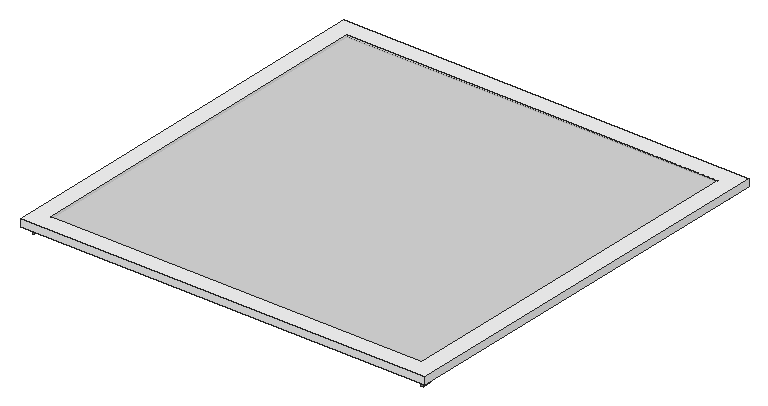
Revit family "0047401 Feilo Sylvania Lighting Fixture START FLAT PANEL LED 3200LM 600 NW", category Lighting Fixtures, host Face, Revit 2017
Family settings
  Host = Face
  Round Connector Dimension = Use Diameter
  Part Type = Normal
  OmniClass Number = 23.80.70.11.17
  OmniClass Title = Specialized Lighting by Location or Use
  Cut with Voids When Loaded = No
  Light Source = Yes
  Shared = No
  Room Calculation Point = No
Parameters (values of type "0047401 START FLAT PANEL 3200LM LED 600 4000K")
  Weight = "9.072 kg"
  Wattage = 40 W
  WarrantyStartDate [instance] = "n/a"
  WarrantyGuarantorParts = "n/a"
  WarrantyDurationUnit = "n/a"
  WarrantyDurationParts = "n/a"
  WarrantyDescription = "n/a"
  built-in parameter 1150110 = 1 (stored number, unit not read)
  Voltage = 230 V
  URL = "http://www.sylvania-lighting.com"
  TypeName = "START FLAT PANEL 3200LM LED 600 4000K"
  built-in parameter 1114217 = 1 (stored number, unit not read)
  Tilt Angle = -90.00°
  built-in parameter 1150109 = 1 (stored number, unit not read)
  built-in parameter 1150134 = 12
  built-in parameter 1150113 = 1 (stored number, unit not read)
  SerialNumber [instance] = "n/a"
  PowerFactor = 0.9
  PowerConsumption = "40 W"
  Photometric Web File = ""
  NominalLength = 595.0 mm
  NominalHeight = 10.5 mm
  NominalDepth = 595.0 mm
  Name = "START FLAT PANEL 3200LM LED 600 4000K"
  ModelReference = "START FLAT PANEL 3200LM LED 600 4000K"
  ModelNumber = "0047401"
  Material = "powder coated steel housing, acrylic pmma diffuser"
  ManufacturerName = "Feilo Sylvania"
  LuminousEfficacy = "80 lm/W"
  LuminaireType = ""
  LightOutputRatio = "100"
  LampsType = Lamp  # "Integrated LED"
  LampNominalLuminous = "3200 lm"
  LampMacAdamStep = "n/a"
  LampColourTemperature = "4000 K"
  LampColourRenderingIndex = "80"
  Keynote = "16500"
  InstallationDate [instance] = "n/a"
  InputVoltage = "220-240V~"
  InputNominalFrequency = "50/60 Hz"
  IngressProtection = "IP20"
  ImpactProtectionIndex = "IK03"
  IfcExportType = "IfcLightFixtureType"
  IfcExportAs = "IfcLightFixtureType"
  Glare Control = "UGR <25"  # constant formula
  ExpectedLife = 50000
  ElectricShockClassification = "Class II"
  DurationUnit = "hours"
  DocumentationLiterature = "http://www.sylvania-lighting.com/product/en-int/products/0047401"
  DimmingControlOptions = "n/a"
  Diffuser Material = Polycarbonate_Sylvania_Startflat Panel LED_Opal
  Cutout Width = 574.0 mm
  Cutout Length = 574.0 mm
  CreatedOn = "20/11/2017"
  CreatedBy = ""
  built-in parameter 1114216 [instance] = 1 (stored number, unit not read)
  built-in parameter 1150142 = (empty or 0)
  Model = "START FLAT PANEL 3200LM LED 600 4000K"
  Manufacturer = "Feilo Sylvania"  # constant formula
  built-in parameter 1150105 = 254.65 (stored number, unit not read)
  Lumens = 3200 lm
  built-in parameter 1150115 = 1 (stored number, unit not read)
  built-in parameter 1150137 = (empty or 0)
  built-in parameter 1150139 = (empty or 0)
  built-in parameter 1150112 = 1 (stored number, unit not read)
  built-in parameter 1150114 = 1 (stored number, unit not read)
  Lamp = "Integrated LED"  # constant formula
  built-in parameter 1150132 = 2
  built-in parameter 1150102 = (empty or 0)
  built-in parameter 1150107 = 4000 (stored number, unit not read)
  built-in parameter 1150138 = (empty or 0)
  built-in parameter 1150106 = 2.5465 (stored number, unit not read)
  CRI (Ra) = "84"  # constant formula
  Body Material = Metal_Sylvania_Startflat Panel LED_White
  Emit from Rectangle Width = 545.0 mm
  Emit from Rectangle Length = 545.0 mm
  Emit Shape Visible in Rendering = no
  built-in parameter 1150104 = 7.4322 (stored number, unit not read)
  Dimming Lamp Color Temperature Shift = <None>
  Description = "Ultra thin LED Panel, excellent uniformity of light, perfect for ceilings with low voids, high efficacy.Ulta thin edgelit LED 600x600mm Panel with, excellent uniform light distribution. Acrylic PMMA diffuser optimising light output whilst reducing glare. 4239lm 93lm/W."  # constant formula
  Default Elevation = 0.0 mm
  Color Filter = 16777215
  built-in parameter 1140040 [instance] = 1
  BarCode [instance] = "n/a"
  built-in parameter 1114218 = 1 (stored number, unit not read)
  built-in parameter 1150133 = 10 (stored number, unit not read)
  AssetType = "Fixed"
  AssetIdentifier [instance] = "n/a"
  Assembly Code = "D5020200"
  Apparent Load = 40 VA
  Mounting Material = Metal_Sylvania_Startflat Panel LED_Silver
Reference planes
  plane 1 "Center (Front/Back)": y = 0
  plane 2 "Fixture Top": z = 0
  plane 3 "Center (Left/Right)": x = 0
  plane 4: x = 295.5
  plane 5: x = -295.5
  plane 6 "Fixture Back": y = 297.5
  plane 7 "Fixture Front": y = -297.5
  plane 8 "Fixture Left": x = -297.5
  plane 9 "Fixture Right": x = 297.5
  plane 10: y = 295.5
  plane 11: y = -295.5
  plane 12: x = 272.5
  plane 13: x = -272.5
  plane 14: y = 272.5
  plane 15: y = -272.5
  plane 16: x = -287
  plane 17: x = 287
  plane 18: y = 287
  plane 19: y = -287
  plane 20 "Fixture Bottom": z = 10.5
  plane 21: z = 8.5
  plane 22: z = 6.5
  plane 23: z = -10
  plane 24: z = 2
Forms (mm)
  Extrusion 1, void
    sketch origin (0, 0, 60) x (-1, 0, 0) y (0, -1, 0)
      loop
        line (287, -287) -> (287, 287) -> (-287, 287) -> (-287, -287) -> (287, -287)
    from -70 to -60
  Extrusion 2, solid, material "Metal_Sylvania_Startflat Panel LED_White" <- "Body Material", detail levels fine
    sketch origin (0, 0, 60) x (-1, 0, 0) y (0, -1, 0)
      loop
        line (297.5, -297.5) -> (297.5, 297.5) -> (-297.5, 297.5) -> (-297.5, -297.5) -> (297.5, -297.5)
      loop
        line (272.5, -272.5) -> (272.5, 272.5) -> (-272.5, 272.5) -> (-272.5, -272.5) -> (272.5, -272.5)
    from -51.5 to -49.5
  Extrusion 3, solid, material "Metal_Sylvania_Startflat Panel LED_White" <- "Body Material", detail levels fine
    sketch origin (0, 0, 60) x (-1, 0, 0) y (0, -1, 0)
      loop
        line (297.5, -297.5) -> (297.5, 297.5) -> (-297.5, 297.5) -> (-297.5, -297.5) -> (297.5, -297.5)
      loop
        line (295.5, -295.5) -> (295.5, 295.5) -> (-295.5, 295.5) -> (-295.5, -295.5) -> (295.5, -295.5)
    from -60 to -51.5
  Extrusion 4, solid, material "Polycarbonate_Sylvania_Startflat Panel LED_Opal" <- "Diffuser Material", detail levels fine
    sketch origin (0, 0, 60) x (-1, 0, 0) y (0, -1, 0)
      loop
        line (295.5, -295.5) -> (295.5, 295.5) -> (-295.5, 295.5) -> (-295.5, -295.5) -> (295.5, -295.5)
    from -53.5 to -51.5
  Extrusion 5, solid, material "Metal_Sylvania_Startflat Panel LED_Silver" <- "Mounting Material", detail levels fine
    sketch origin (0, 0, 60) x (-1, 0, 0) y (0, -1, 0)
      loop
        line (287, -287) -> (287, -272.5) -> (284, -272.5) -> (284, -287) -> (287, -287)
      loop
        line (-284, -287) -> (-284, -272.5) -> (-287, -272.5) -> (-287, -287) -> (-284, -287)
      loop
        line (-284, 272.5) -> (-284, 287) -> (-287, 287) -> (-287, 272.5) -> (-284, 272.5)
      loop
        line (284, 272.5) -> (287, 272.5) -> (287, 287) -> (284, 287) -> (284, 272.5)
    from -70 to -60
  Extrusion 6, solid, material "Metal_Sylvania_Startflat Panel LED_White" <- "Body Material", detail levels fine
    sketch origin (0, 0, 60) x (-1, 0, 0) y (0, -1, 0)
      loop
        line (297.5, -297.5) -> (297.5, 297.5) -> (-297.5, 297.5) -> (-297.5, -297.5) -> (297.5, -297.5)
    from -60 to -58
  Extrusion 7, solid, material "Metal_Sylvania_Startflat Panel LED_White" <- "Body Material", detail levels coarse+medium
    sketch origin (0, 0, 60) x (-1, 0, 0) y (0, -1, 0)
      loop
        line (297.5, -297.5) -> (297.5, 297.5) -> (-297.5, 297.5) -> (-297.5, -297.5) -> (297.5, -297.5)
    from -60 to -49.5
Cuts and joins
  joined: Extrusion 2, Extrusion 3, Extrusion 6
Dimensions and locks
  equal spacing: plane 6 "Fixture Back", plane 1 "Center (Front/Back)", plane 7 "Fixture Front"
  locked: plane 6 "Fixture Back" to plane 7 "Fixture Front" at 595
  equal spacing: plane 8 "Fixture Left", plane 3 "Center (Left/Right)", plane 9 "Fixture Right"
  locked: plane 8 "Fixture Left" to plane 9 "Fixture Right" at 595
  locked: plane 8 "Fixture Left" to plane 5 at 2
  locked: plane 4 to plane 9 "Fixture Right" at 2
  locked: plane 6 "Fixture Back" to plane 10 at 2
  locked: plane 11 to plane 7 "Fixture Front" at 2
  locked: plane 12 to plane 9 "Fixture Right" at 25
  locked: plane 8 "Fixture Left" to plane 13 at 25
  locked: plane 6 "Fixture Back" to plane 14 at 25
  locked: plane 15 to plane 7 "Fixture Front" at 25
  equal spacing: plane 16, plane 3 "Center (Left/Right)", plane 17
  "Cutout Length": plane 16 to plane 17
  equal spacing: plane 18, plane 1 "Center (Front/Back)", plane 19
  "Cutout Width": plane 18 to plane 19
  locked: plane 20 "Fixture Bottom" to plane 2 "Fixture Top" at 10.5
  plane 20 "Fixture Bottom" to plane 21 to plane 22 = 2.0 mm locked, 2.0 mm locked
  locked: plane 2 "Fixture Top" to plane 23 at 10
  locked: plane 16 to Extrusion 5 sketch curve at 3
  locked: Extrusion 5 sketch curve to plane 17 at 3
  locked: plane 24 to plane 2 "Fixture Top" at 2
  aligned and locked: level to host face
  aligned and locked: imposter light to plane 1 "Center (Front/Back)"
  aligned and locked: plane 2 "Fixture Top" to Extrusion 1
  aligned and locked: Extrusion 2 sketch curve to plane 6 "Fixture Back"
  aligned and locked: plane 8 "Fixture Left" to Extrusion 2 sketch curve
  aligned and locked: plane 7 "Fixture Front" to Extrusion 2 sketch curve
  aligned and locked: Extrusion 2 sketch curve to plane 9 "Fixture Right"
  aligned and locked: Extrusion 2 sketch curve to plane 14
  aligned and locked: plane 13 to Extrusion 2 sketch curve
  aligned and locked: plane 15 to Extrusion 2 sketch curve
  aligned and locked: Extrusion 2 sketch curve to plane 12
  aligned and locked: Extrusion 3 sketch curve to Extrusion 2  (x4)
  aligned and locked: Extrusion 3 sketch curve to plane 10
  aligned and locked: plane 5 to Extrusion 3 sketch curve
  aligned and locked: plane 11 to Extrusion 3 sketch curve
  aligned and locked: Extrusion 3 sketch curve to plane 4
  aligned and locked: Extrusion 4 sketch curve to cut or joined group of Extrusion 2, Extrusion 3, Extrusion 6  (x4)
  aligned and locked: plane 16 to Extrusion 1 sketch curve
  aligned and locked: Extrusion 1 sketch curve to plane 17
  aligned and locked: Extrusion 1 sketch curve to plane 18
  aligned and locked: plane 19 to Extrusion 1 sketch curve
  aligned and locked: plane 20 "Fixture Bottom" to cut or joined group of Extrusion 2, Extrusion 3, Extrusion 6
  aligned and locked: cut or joined group of Extrusion 2, Extrusion 3, Extrusion 6 to plane 21
  aligned and locked: plane 21 to cut or joined group of Extrusion 2, Extrusion 3, Extrusion 6
  aligned and locked: cut or joined group of Extrusion 2, Extrusion 3, Extrusion 6 to plane 2 "Fixture Top"
  aligned and locked: plane 21 to Extrusion 4
  aligned and locked: Extrusion 4 to plane 22
  aligned and locked: level to plane 2 "Fixture Top"
  aligned and locked: plane 3 "Center (Left/Right)" to imposter light
  aligned and locked: plane 20 "Fixture Bottom" to imposter light
  aligned and locked: Extrusion 5 sketch curve to plane 18  (x2)
  aligned and locked: plane 16 to Extrusion 5 sketch curve
  aligned and locked: cut or joined group of Extrusion 2, Extrusion 3, Extrusion 6 to Extrusion 5 sketch curve  (x3)
  aligned and locked: plane 14 to Extrusion 5 sketch curve
  aligned and locked: Extrusion 5 sketch curve to plane 17  (x2)
  aligned and locked: plane 19 to Extrusion 5 sketch curve
  aligned and locked: Extrusion 5 sketch curve to plane 19
  aligned and locked: Extrusion 5 sketch curve to plane 16
  aligned and locked: Extrusion 5 to plane 23
  aligned and locked: Extrusion 5 sketch curve to Extrusion 5 sketch curve  (x2)
  aligned and locked: Extrusion 6 sketch curve to cut or joined group of Extrusion 2, Extrusion 3, Extrusion 6  (x4)
  aligned and locked: Extrusion 6 to plane 2 "Fixture Top"
  aligned and locked: plane 24 to Extrusion 6
  aligned and locked: plane 2 "Fixture Top" to Extrusion 5
  aligned and locked: Extrusion 7 sketch curve to cut or joined group of Extrusion 2, Extrusion 3, Extrusion 6  (x4)
  aligned and locked: Extrusion 7 to plane 2 "Fixture Top"
  aligned and locked: plane 20 "Fixture Bottom" to Extrusion 7
  aligned and locked: Extrusion 1 to Extrusion 5
Automatic sketch dimensions
  host sketch curve to host sketch curve = 1461.012 mm
  host sketch curve to host sketch curve = 1283.632 mm
Connectors
  electrical at (0, 0, 0), driven by "Apparent Load"
    settings: on cut or joined group of Extrusion 2, Extrusion 3, Extrusion 6, index 1, voltage 230 V, apparent load 0 VA, apparent load phase1 40 VA, apparent load phase2 0 VA, apparent load phase3 0 VA, power factor 1, load classification "Lighting", number of poles 1, system type 31, power factor state 1, is connector primary yes, connector utility no, sub classification motor no, connector description ""
